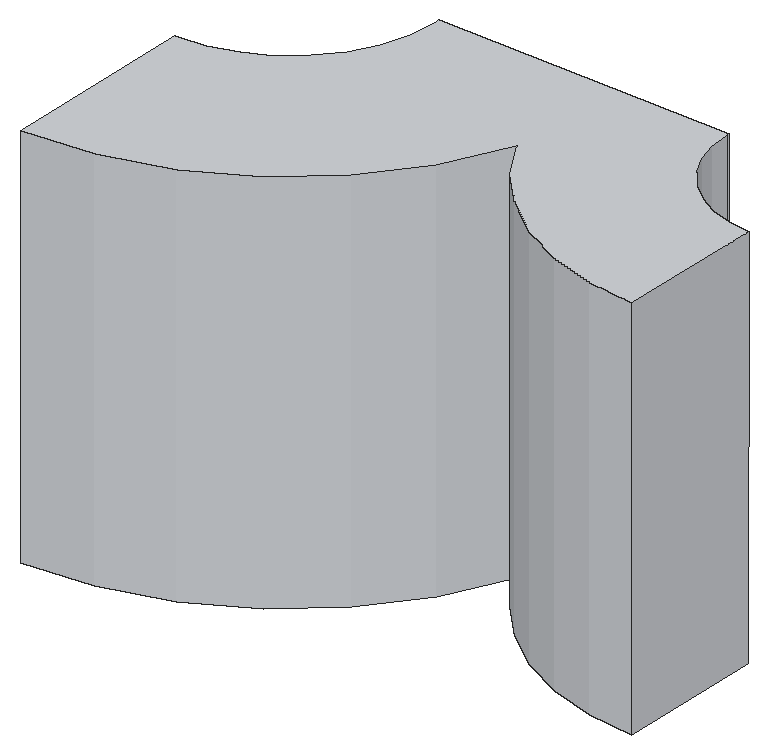
Revit family "M_Y retangular - Curvado - Transição", category Conexões de duto, Revit 2019
Family settings
  Cota do conector redondo = Utilizar diâmetro
  Tipo de parte = Tê
  Número OmniClass = 23.75.70.14
  Título OmniClass = Air Ductwork
  ID de item do Seek = Rectangular Wye - Curved - Transition-0000-CAN-ENU
  Com base no plano de trabalho = Não
  Sempre na vertical = Sim
  Corte com vazios quando carregada = Não
  Compartilhado = Não
Parameters (values of type "Padrão")
  Largura 1 [instance] = 5 / 8 * (Largura do duto 1 - Largura do duto 2) + Raio 2  # 218.75 mm
  Anteparo [instance] = 3.175 mm  # constant formula
  Raio 1 [instance] = 1.25 * Largura do duto 1  # 250 mm
  Raio 2 [instance] = 1.25 * Largura do duto 2  # 187.5 mm
  Comprimento 2 [instance] = 0.5 * Largura do duto 3 + 0.75 * Largura do duto 2  # 262.5 mm
  Comprimento 1 [instance] = 0.5 * Largura do duto 3 + 0.75 * Largura do duto 1  # 300 mm
  Largura do duto 3 [instance] = 300 mm
  Largura do duto 2 [instance] = 150 mm
  Largura do duto 1 [instance] = 200 mm
  Altura do duto [instance] = 400 mm
Reference planes
  plane 1 "Centro (Frente/Trás)": y = 0
  plane 2: z = 0
  plane 3 "Centro (Esquerda/Direita)": x = 0
  plane 4: y = 218.75
  plane 5: y = 31.25
  plane 6: y = -31.25
  plane 7: x = -300
  plane 8: x = 262.5
  plane 9: y = 221.925
Forms (mm)
  Sweep 1, solid, detail levels medium+fine
    path in 3D
      loop
        arc (-50, 218.75, 0) -> (-123.223, 41.973, 0) -> (-300, -31.25, 0) r 250
    profile "M_Duto - Retangular : Duto - Retangular 1" origin (-123.223, 41.973, 0) x (0.707107, -0.707107, 0) y (0, 0, 1)
      loop
        line (-100, 200) -> (-100, -200) -> (100, -200) -> (100, 200) -> (-100, 200)
  Sweep 2, solid, detail levels medium+fine
    path in 3D
      loop
        arc (75, 218.75, 0) -> (129.917, 86.167, 0) -> (262.5, 31.25, 0) r 187.5
    profile "M_Duto - Retangular : Duto - Retangular 2" origin (129.917, 86.167, 0) x (0.707107, 0.707107, 0) y (0, 0, 1)
      loop
        line (-75, 200) -> (-75, -200) -> (75, -200) -> (75, 200) -> (-75, 200)
  Sweep 3, solid, detail levels medium+fine
    path in 3D
      loop
        line (0, 221.925, 0) -> (0, 218.75, 0)
    profile "M_Duto - Retangular : Duto - Retangular 3" origin (0, 220.337, 0) x (1, 0, 0) y (0, 0, 1)
      loop
        line (-150, 200) -> (-150, -200) -> (150, -200) -> (150, 200) -> (-150, 200)
Cuts and joins
  joined: Sweep 1, Sweep 2, Sweep 3
Lines and regions (mm)
  model lines, detail levels coarse
    curve 1: arc (-50, 218.75, 0) -> (-123.223, 41.973, 0) -> (-300, -31.25, 0) r 250
    curve 2: arc (75, 218.75, 0) -> (129.917, 86.167, 0) -> (262.5, 31.25, 0) r 187.5
    curve 5: line (0, 221.925, 0) -> (0, 218.75, 0)
  sketch lines
    curve 3: arc (-50, 218.75, 0) -> (-123.223, 41.973, 0) -> (-300, -31.25, 0) r 250
    curve 4: arc (75, 218.75, 0) -> (129.917, 86.167, 0) -> (262.5, 31.25, 0) r 187.5
    curve 6: line (0, 221.925, 0) -> (0, 218.75, 0)
Dimensions and locks
  "Largura 1": plane 1 "Centro (Frente/Trás)" to plane 4
  "Raio 2": plane 5 to plane 4
  "Raio 1": plane 6 to plane 4
  "Comprimento 1": plane 7 to plane 3 "Centro (Esquerda/Direita)"
  "Comprimento 2": plane 3 "Centro (Esquerda/Direita)" to plane 8
  "Anteparo": plane 4 to plane 9
  "Raio 1": radius of curve 1
  "Raio 2": radius of curve 2
  aligned and locked: plane 7 to curve 1
  aligned and locked: plane 4 to curve 1
  aligned and locked: plane 4 to curve 2
  aligned and locked: plane 8 to curve 2
  aligned and locked: curve 5 to plane 3 "Centro (Esquerda/Direita)"
  aligned and locked: plane 9 to curve 5
  aligned and locked: plane 4 to curve 5
Connectors
  hvac at (-300, -31.25, 0), driven by "Altura do duto", driven by "Largura do duto 1"
    settings: on Sweep 1, index 1, duct flow 0.0 L/s, flow factor 0, pres drop 0.0 Pa, loss coef 0, conn angle 0.00°, conn width 200 mm, conn height 400 mm, conn diameter 609.6 mm, duct sys type 28, conn prof type 1, flow config 0, flow direction 0, loss method 0, conn ref index -1, conn util no, is conn primary yes, conn desc ""
  hvac at (262.5, 31.25, 0), driven by "Altura do duto", driven by "Largura do duto 2"
    settings: on Sweep 2, index 2, duct flow 0.0 L/s, flow factor 0, pres drop 0.0 Pa, loss coef 0, conn angle 0.00°, conn width 150 mm, conn height 400 mm, conn diameter 609.6 mm, duct sys type 28, conn prof type 1, flow config 0, flow direction 0, loss method 0, conn ref index -1, conn util no, is conn primary no, conn desc ""
  hvac at (0, 221.925, 0), driven by "Altura do duto", driven by "Largura do duto 3"
    settings: on Sweep 3, index 3, duct flow 0.0 L/s, flow factor 0, pres drop 0.0 Pa, loss coef 0, conn angle 0.00°, conn width 300 mm, conn height 400 mm, conn diameter 609.6 mm, duct sys type 28, conn prof type 1, flow config 0, flow direction 0, loss method 0, conn ref index -1, conn util no, is conn primary no, conn desc ""
